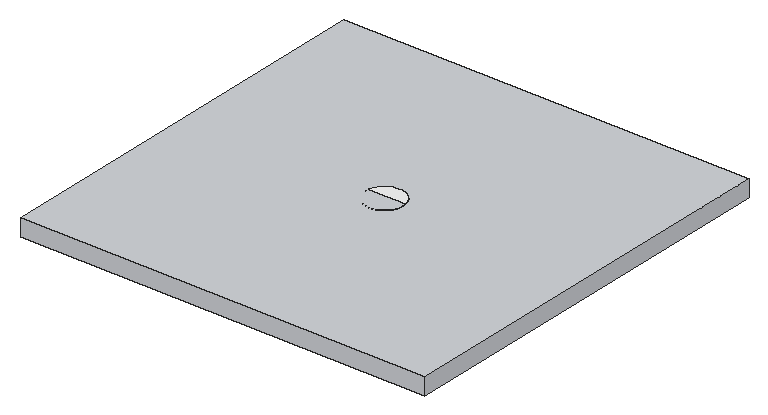
Revit family
Parameters (values of type "2"")
  WFU = 0
  URL = "WWW.MIFAB.COM"
  Strainer Radius = Strainer Diameter / 2  # 4.500"
  Strainer Diameter = 9.000"
  Strainer Adjustment [instance] = 2.820"
  Pipe Radius = Pipe Diameter / 2  # 1.000"
  Pipe Diameter = 2.000"
  Model = "F1620-C"
  Manufacturer = "MIFAB"
  Floor Drain Material = Paint - Sherwin Williams Paint - #952C2A - Bellwood Red
  Domestic Cold Water Radius = 0.250"
  Domestic Cold Water Diameter = Domestic Cold Water Radius * 2  # 0.500"
  Description = "ISOLATION AREA DRAIN W/9\" ROUND ADJ. TRACTOR GRATE"
  Default Elevation = 0.000"
  CWFU = 0
  Body Height = 3.375"
Types (6): name | Pipe Radius | Pipe Diameter | Body Height
  (no name) | 1.000" | 2.000" | 3.375"
  2" | 1.000" | 2.000" | 3.375"
  3" | 1.500" | 3.000" | 3.375"
  4" | 2.000" | 4.000" | 3.375"
  5" | 2.500" | 5.000" | 3.375"
  6" | 3.000" | 6.000" | 4.750"
Reference planes (in)
  plane 1 "Center (Front/Back)": y = 0
  plane 2: z = 0
  plane 3 "Center (Left/Right)": x = 0
  plane 4: x = -4.5
  plane 5: x = 4.5
  plane 6: z = -2.82
  plane 7: z = -10.07
  plane 8: z = -13.445
  plane 9: z = -5.62
  plane 10: z = -4.22
  plane 11: z = -11.695
  plane 12: x = 1
  plane 13: x = -1
  plane 14: x = -4.4
  plane 15: x = 4.4
  plane 16: x = 2.8
  plane 17: z = -3.42254
Forms (in)
  Extrusion 1, solid
    sketch origin (0, 0, 0) x (1, 0, 0) y (0, 1, 0)
      loop
        line (-48, 48) -> (-48, -48) -> (48, -48) -> (48, 48) -> (-48, 48)
    from 0 to -4.02787
  Revolve 2, solid, material "Paint - Sherwin Williams Paint - #952C2A - Bellwood Red" <- "Floor Drain Material"
    sketch origin (0, 0, 0) x (1, 0, 0) y (0, 0, 1)
      loop
        line (4.5, 0) -> (0, 0) -> (0, -0.42) -> (2.9625, -0.42) -> (2.9625, -2.82) -> (4.5, -2.82) -> (4.5, -2.62) -> (3.2625, -2.62) -> (3.2625, -1.69685) -> (3.1125, -1.69685) -> (3.1125, -1.10403) -> (4.11812, -0.52344) -> (4.5, -0.52344) -> (4.5, 0)
      axis (0, 0) -> (0, -2.82)
    angle from 0 to 360
  Revolve 3, solid, material "Paint - Sherwin Williams Paint - #952C2A - Bellwood Red" <- "Floor Drain Material"
    sketch origin (0, 0, 0) x (1, 0, 0) y (0, 0, 1)
      loop
        line (4.5, -2.82) -> (2.9625, -2.82) -> (2.9625, -2.97) -> (3.10156, -2.97) -> (3.10156, -4.15787) -> (2.65, -4.60943) -> (2.65, -5.62) -> (2.8, -5.62) -> (2.8, -4.67156) -> (3.25156, -4.22) -> (3.25156, -2.97) -> (4.5, -2.97) -> (4.5, -2.82)
      axis (0, -2.82) -> (0, -5.62)
    angle from 0 to 360
  Revolve 4, solid, material "Paint - Sherwin Williams Paint - #952C2A - Bellwood Red" <- "Floor Drain Material"
    sketch origin (0, 0, 0) x (1, 0, 0) y (0, 0, 1)
      loop
        line (2.8, -4.72) -> (2.8, -10.07) -> (4.3, -10.07) -> (4.3, -9.82) -> (3.05, -9.82) -> (3.05, -4.72) -> (2.8, -4.72)
      axis (0, -4.72) -> (0, -10.07)
    angle from 0 to 360
  Revolve 5, solid, material "Paint - Sherwin Williams Paint - #952C2A - Bellwood Red" <- "Floor Drain Material"
    sketch origin (0, 0, 0) x (1, 0, 0) y (0, 0, 1)
      loop
        line (4.3, -10.07) -> (1.3, -10.07) -> (1.3, -11.58287) -> (1, -11.88287) -> (1, -13.445) -> (1.15, -13.445) -> (1.15, -11.945) -> (1.4, -11.695) -> (1.52966, -11.695) -> (1.52966, -10.22) -> (4.3, -10.22) -> (4.3, -10.07)
      axis (0, -10.07) -> (0, -13.445)
    angle from 0 to 360
  Revolve 6, solid, material "Paint - Sherwin Williams Paint - #952C2A - Bellwood Red" <- "Floor Drain Material"
    sketch origin (0, 0, 0.21875) x (1, 0, 0) y (0, 0, 1)
      loop
        line (-1.10156, -3.30315) -> (-3.84656, -3.30315) -> (-3.91866, -3.37524) -> (-4.30928, -3.37524) -> (-4.30928, -3.64129) -> (-1.10156, -3.64129) -> (-1.10156, -3.30315)
      axis (-4.30928, -3.64129) -> (-1.10156, -3.64129)
    angle from 0 to 360
Cuts and joins
  joined: Revolve 3, Revolve 6
Lines and regions (in)
  symbolic lines
    curve 1: circle (0, 0, 0) r 4.5 normal (0, 0, 1)
Dimensions and locks (in)
  equal spacing: plane 5, plane 3 "Center (Left/Right)", plane 4
  "Strainer Diameter": plane 5 to plane 4
  "Strainer Adjustment": Extrusion 1 to plane 6
  plane 7 to plane 6 = 7.250"
  "Body Height": plane 7 to plane 8
  plane 6 to plane 9 = 2.800"
  equal spacing: plane 6, plane 10, plane 9
  Revolve 3 sketch curve to Revolve 3 sketch curve to Revolve 3 sketch curve to Revolve 3 sketch curve to plane 9 = 0.06213", 0.38943", 0.06213", 0.94844"
  Revolve 4 sketch curve to Revolve 4 sketch curve to Revolve 4 sketch curve = 0.250", 1.250"
  plane 11 to plane 8 = 1.750"
  Revolve 5 sketch curve to Revolve 5 sketch curve = 0.150"
  Revolve 5 sketch curve to plane 11 to Revolve 5 sketch curve to Revolve 5 sketch curve = 0.11213", 0.18787", 0.06213"
  "Pipe Radius": Revolve 5 sketch curve to plane 3 "Center (Left/Right)"
  Revolve 5 sketch curve to Revolve 5 sketch curve to Revolve 5 sketch curve to Revolve 5 sketch curve = 0.12966", 0.100", 0.300"
  equal spacing: plane 13, plane 3 "Center (Left/Right)", plane 12
  "Pipe Diameter": plane 13 to plane 12
  Revolve 2 sketch curve to Revolve 2 sketch curve to Revolve 2 sketch curve to Revolve 2 sketch curve to plane 5 = 0.150", 0.150", 0.85562", 0.38188"
  Extrusion 1 to Revolve 2 sketch curve to Revolve 2 sketch curve to Revolve 2 sketch curve = 0.52344", 0.58059", 0.59282"
  Revolve 2 sketch curve to plane 6 = 0.200"
  plane 6 to plane 17 = 0.60254"
  Revolve 6 sketch curve to Revolve 6 sketch curve to Revolve 6 sketch curve to plane 17 = 0.000", 0.0721", 0.26605"
  angle Revolve 5 sketch curve to Revolve 5 sketch curve = 135.00°  (x2)
  aligned and locked: plane 2 to Extrusion 1
  aligned and locked: level to Extrusion 1
  aligned and locked: plane 5 to Revolve 2 sketch curve  (x2)
  aligned and locked: Revolve 2 sketch curve to Extrusion 1
  aligned and locked: Revolve 3 sketch curve to plane 9
  aligned and locked: Revolve 4 sketch curve to Revolve 3
  aligned and locked: Revolve 4 sketch curve to plane 7
  aligned and locked: plane 11 to Revolve 5 sketch curve
  aligned and locked: Revolve 4 to Revolve 5 sketch curve
  aligned and locked: plane 6 to Revolve 2 sketch curve
  aligned and locked: plane 3 "Center (Left/Right)" to Revolve 2 sketch curve
Automatic sketch dimensions
  Extrusion 1 sketch curve to Extrusion 1 sketch curve = 96.000"  (x2)
  Revolve 3 sketch curve to plane 6 = 0.000"
  plane 5 to Revolve 3 sketch curve = 1.39844"
  plane 5 to Revolve 3 sketch curve = 1.700"
  plane 5 to Revolve 3 sketch curve = 1.5375"
  Revolve 3 sketch curve to Revolve 3 sketch curve = 0.150"
  plane 5 to Revolve 3 sketch curve = 1.24844"
  Revolve 3 sketch curve to Revolve 3 sketch curve = 1.24844"
  Revolve 3 sketch curve to plane 6 = 0.150"  (x2)
  plane 7 to Revolve 4 sketch curve = 0.250"
  Revolve 4 sketch curve to plane 3 "Center (Left/Right)" = 0.000"
  Revolve 4 sketch curve to plane 8 = 10.935"
  Revolve 4 sketch curve to plane 6 = 1.900"
  level to Revolve 4 sketch curve = 102.71882"
  Revolve 5 sketch curve to plane 3 "Center (Left/Right)" = 0.000"
  Revolve 5 sketch curve to plane 8 = 0.000"
  Revolve 5 sketch curve to plane 7 = 0.000"
  Revolve 5 sketch curve to plane 8 = 10.935"
  Revolve 5 sketch curve to plane 7 = 0.150"
  level to Revolve 5 sketch curve = 102.71882"
  Revolve 6 sketch curve to plane 17 = 0.000"  (x2)
  plane 14 to Revolve 6 sketch curve = 0.000"
  plane 13 to Revolve 6 sketch curve = 0.13892"
  Revolve 2 sketch curve to plane 3 "Center (Left/Right)" = 0.000"
  Revolve 2 sketch curve to plane 8 = 9.190"
  Revolve 2 sketch curve to level = 0.420"
  level to Revolve 2 sketch curve = 102.71882"
  plane 1 "Center (Front/Back)" to curve 1 = 0.000"
  curve 1 to plane 3 "Center (Left/Right)" = 0.000"
  Revolve 6 sketch curve to plane 14 = 0.09072"
  Revolve 6 sketch curve to Revolve 6 sketch curve = 0.39062"
  Revolve 6 sketch curve to Revolve 6 sketch curve = 0.0721"
  plane 13 to Revolve 6 sketch curve = 0.10156"
  radius of curve 1 = 4.500"
Connectors (in)
  piping at (0, 0, -13.445), driven by "Pipe Radius", driven by "WFU"
    settings: on Revolve 5, index 1, connector radius 1", flow factor 0, pipe flow 0 GPM, pressure drop 0.00 psi, fitting loss kfactor 0, connector angle 0.00°, fixture units 0, flow configuration 3, flow direction 2, fitting loss method 0, system type 16, connector reference index -1, connector utility 0, adjustable connector no, is connector primary yes, fitting loss table "", connector description "Sanitary Out"
  piping at (-4.30928, 0, -3.42254), driven by "CWFU", driven by "Domestic Cold Water Radius"
    settings: on cut or joined group of Revolve 3, Revolve 6, index 2, connector radius 1/4", flow factor 0, pipe flow 0 GPM, pressure drop 0.00 psi, fitting loss kfactor 0, connector angle 0.00°, fixture units 0, flow configuration 3, flow direction 1, fitting loss method 0, system type 20, connector reference index -1, connector utility 0, adjustable connector no, is connector primary no, fitting loss table "", connector description "Domestic Cold Water In"
